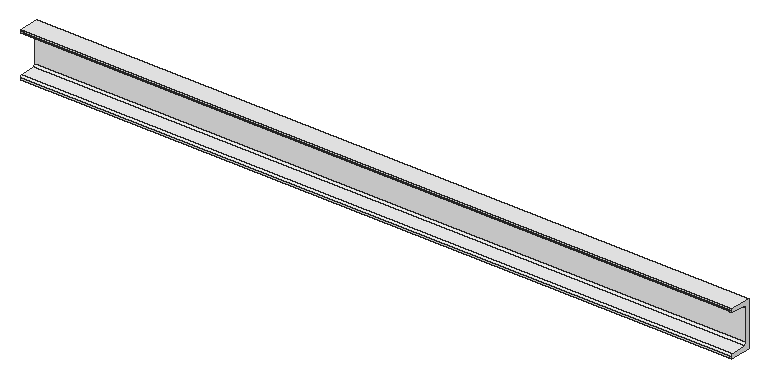
Revit family "CFC - Canais com flange cônica", category Quadro estrutural, Revit 2019
Family settings
  Arredondamento do comprimento do framing estrutural = 1 mm
  Forma do corte = Não definido
  Material para o comportamento do modelo = Aço
  Exportar sempre como geometria = Não
  Sempre na vertical = Sim
  Corte com vazios quando carregada = Não
  Representação simbólica = Das configurações de projeto
  Compartilhado = Não
  Exibir o pré-corte da família na vista da planta = Sim
Parameters (values of type "C 3x6.1")
  x = 11.1 mm
  tw = 4.32 mm
  tf = 6.9 mm
  r2 = 3.45 mm
  r1 = 6.9 mm
  ângulo = 5.00°
  W = 0.0061
  Structural Material [instance] = Metal - Aço - 250 MPa
  Assembly Code = ""
  Length [instance] = 1500 mm
  bf = 35.8 mm
  d = 76.2 mm
  A = 0.000778 m²
Reference planes
  plane 1 "Centro (Frente/Trás)": y = 0
  plane 2: z = 0
  plane 3 "Centro (Esquerda/Direita)": x = 4.61
  plane 4 "Membro esquerdo": x = -604.99
  plane 5 "Membro direito": x = 614.21
  plane 6 "Superior": z = 38.1
  plane 7: z = -38.1
  plane 8 "Direita": x = 766.61
  plane 9 "Esquerda": x = -733.39
  plane 10: y = 11.1
  plane 11: y = -24.7
Forms (mm)
  Sweep 1, solid, material "Metal - Aço - 250 MPa" <- "Structural Material", detail levels medium
    path origin (0, 0, 0) x (1, 0, 0) y (0, 1, 0)
      loop
        line (-604.99, 0) -> (614.21, 0)
    profile "GFC - Guias com flange cônica - Perfil - Médio : GFC - Guias com flange cônica - Perfil - Médio" origin (4.61, 0, 0) x (0, 1, 0) y (0, 0, 1)
      loop
        line (-24.7, 38.1) -> (-24.7, 32.577) -> (-8.96, 31.2) -> (6.78, 29.823) -> (6.78, -29.823) -> (-8.96, -31.2) -> (-24.7, -32.577) -> (-24.7, -38.1) -> (11.1, -38.1) -> (11.1, 38.1) -> (-24.7, 38.1)
  Sweep 2, solid, material "Metal - Aço - 250 MPa" <- "Structural Material", detail levels fine
    path origin (0, 0, 0) x (1, 0, 0) y (0, 1, 0)
      loop
        line (-604.99, 0) -> (614.21, 0)
    profile "GFC - Guias com flange cônica - Perfil - Alto : GFC - Guias com flange cônica - Perfil - Alto" origin (4.61, 0, 0) x (0, 1, 0) y (0, 0, 1)
      loop
        line (-24.7, 38.1) -> (-24.7, 35.738)
        arc (-24.7, 35.738) -> (-23.794, 33.408) -> (-21.551, 32.302) r 3.45
        line (-21.551, 32.302) -> (-8.96, 31.2) -> (3.631, 30.098)
        arc (3.631, 30.098) -> (5.874, 28.992) -> (6.78, 26.662) r 3.45
        line (6.78, 26.662) -> (6.78, -26.662)
        arc (6.78, -26.662) -> (5.874, -28.992) -> (3.631, -30.098) r 3.45
        line (3.631, -30.098) -> (-8.96, -31.2) -> (-21.551, -32.302)
        arc (-21.551, -32.302) -> (-23.794, -33.408) -> (-24.7, -35.738) r 3.45
        line (-24.7, -35.738) -> (-24.7, -38.1) -> (11.1, -38.1) -> (11.1, 38.1) -> (-24.7, 38.1)
Lines and regions (mm)
  symbolic lines, style "Faces ocultas", detail levels medium+fine
    curve 1: line (-604.99, 6.78, 0) -> (614.21, 6.78, 0)
    curve 3: line (-604.99, 0, -29.823) -> (614.21, 0, -29.823)
  symbolic lines, style "HiddenStructuralFramingLines", detail levels medium+fine
    curve 2: line (614.21, 0, 29.823) -> (-604.99, 0, 29.823)
  symbolic lines, style "Símbolos de vara", detail levels coarse
    curve 4: line (-733.39, -24.7, 38.1) -> (-733.39, 11.1, 38.1)
    curve 5: line (-733.39, 11.1, 38.1) -> (-733.39, 11.1, -38.1)
    curve 6: line (-733.39, 11.1, -38.1) -> (-733.39, -24.7, -38.1)
Dimensions and locks
  "d": plane 7 to plane 6 "Superior"
  equal spacing: plane 7, plane 2, plane 6 "Superior"
  "Length": plane 9 "Esquerda" to plane 8 "Direita"
  "x": plane 10 to plane 1 "Centro (Frente/Trás)"
  "bf": plane 10 to plane 11
  aligned and locked: plane 1 "Centro (Frente/Trás)" to Sweep 1 sketch curve
  aligned and locked: plane 1 "Centro (Frente/Trás)" to Sweep 2 sketch curve
  aligned and locked: curve 1 to Sweep 1
  aligned and locked: curve 2 to Sweep 1
  aligned and locked: curve 3 to Sweep 1
  aligned and locked: Sweep 2 to plane 6 "Superior"
  aligned and locked: Sweep 2 to plane 10
  aligned and locked: plane 7 to Sweep 2
  aligned and locked: plane 4 "Membro esquerdo" to Sweep 1 sketch curve
  aligned and locked: plane 5 "Membro direito" to Sweep 1 sketch curve
  aligned and locked: plane 4 "Membro esquerdo" to Sweep 2 sketch curve
  aligned and locked: plane 5 "Membro direito" to Sweep 2 sketch curve
  aligned and locked: plane 4 "Membro esquerdo" to curve 1
  aligned and locked: plane 5 "Membro direito" to curve 1
  aligned and locked: plane 4 "Membro esquerdo" to curve 2
  aligned and locked: plane 5 "Membro direito" to curve 2
  aligned and locked: plane 4 "Membro esquerdo" to curve 3
  aligned and locked: plane 5 "Membro direito" to curve 3
Automatic sketch dimensions
  curve 4 to plane 10 = 0 mm
  curve 4 to plane 11 = 0 mm
  curve 5 to plane 6 "Superior" = 0 mm
  curve 6 to plane 7 = 0 mm
  curve 6 to plane 11 = 0 mm
Types in the file's own list only (30): name | x | tw | tf | r2 | r1 | W | bf | d | A
  C 3x7.4 | 11 mm | 7 mm | 7 mm | 3 mm | 7 mm | 0.0074 | 38 mm | 76 mm | 0.00 m²
  C 3x8.9 | 12 mm | 9 mm | 7 mm | 3 mm | 7 mm | 0.0089 | 41 mm | 76 mm | 0.00 m²
  C 4x8.0 | 12 mm | 5 mm | 8 mm | 4 mm | 8 mm | 0.008 | 40 mm | 102 mm | 0.00 m²
  C 4x9.3 | 12 mm | 6 mm | 8 mm | 4 mm | 8 mm | 0.0093 | 42 mm | 102 mm | 0.00 m²
  C 4x10.8 | 12 mm | 8 mm | 8 mm | 4 mm | 8 mm | 0.0108 | 44 mm | 102 mm | 0.00 m²
  C 6x12.2 | 13 mm | 5 mm | 9 mm | 4 mm | 9 mm | 0.0122 | 49 mm | 152 mm | 0.00 m²
  C 6x15.6 | 13 mm | 8 mm | 9 mm | 4 mm | 9 mm | 0.0156 | 52 mm | 152 mm | 0.00 m²
  C 6x19.4 | 13 mm | 11 mm | 9 mm | 4 mm | 9 mm | 0.0194 | 55 mm | 152 mm | 0.00 m²
  C 6x23.1 | 14 mm | 14 mm | 9 mm | 4 mm | 9 mm | 0.0231 | 58 mm | 152 mm | 0.00 m²
  C 8x17.1 | 15 mm | 6 mm | 10 mm | 5 mm | 10 mm | 0.0171 | 57 mm | 203 mm | 0.00 m²
  C 8x20.5 | 14 mm | 8 mm | 10 mm | 5 mm | 10 mm | 0.0205 | 60 mm | 203 mm | 0.00 m²
  C 8x24.2 | 14 mm | 10 mm | 10 mm | 5 mm | 10 mm | 0.0242 | 62 mm | 203 mm | 0.00 m²
  C 8x27.9 | 14 mm | 12 mm | 10 mm | 5 mm | 10 mm | 0.0279 | 64 mm | 203 mm | 0.00 m²
  C 8x31.6 | 15 mm | 15 mm | 10 mm | 5 mm | 10 mm | 0.0316 | 67 mm | 203 mm | 0.00 m²
  C 10x22.7 | 16 mm | 6 mm | 11 mm | 6 mm | 11 mm | 0.0227 | 66 mm | 254 mm | 0.00 m²
  C 10x29.8 | 15 mm | 10 mm | 11 mm | 6 mm | 11 mm | 0.0298 | 70 mm | 254 mm | 0.00 m²
  C 10x37.2 | 16 mm | 13 mm | 11 mm | 6 mm | 11 mm | 0.0372 | 73 mm | 254 mm | 0.00 m²
  C 10x44.7 | 17 mm | 17 mm | 11 mm | 6 mm | 11 mm | 0.0447 | 77 mm | 254 mm | 0.01 m²
  C 10x52.1 | 18 mm | 21 mm | 11 mm | 6 mm | 11 mm | 0.0521 | 81 mm | 254 mm | 0.01 m²
  C 12x30.7 | 18 mm | 7 mm | 13 mm | 6 mm | 13 mm | 0.0307 | 75 mm | 305 mm | 0.00 m²
  C 12x37.2 | 17 mm | 10 mm | 13 mm | 6 mm | 13 mm | 0.0372 | 77 mm | 303 mm | 0.00 m²
  C 12x44.7 | 17 mm | 13 mm | 13 mm | 6 mm | 13 mm | 0.0447 | 81 mm | 305 mm | 0.01 m²
  C 12x52.1 | 18 mm | 16 mm | 13 mm | 6 mm | 13 mm | 0.0521 | 84 mm | 305 mm | 0.01 m²
  C 12x59.6 | 18 mm | 19 mm | 13 mm | 6 mm | 13 mm | 0.0596 | 87 mm | 305 mm | 0.01 m²
  C 15x50.4 | 20 mm | 10 mm | 17 mm | 8 mm | 17 mm | 0.0504 | 86 mm | 381 mm | 0.01 m²
  C 15x52.1 | 20 mm | 11 mm | 17 mm | 8 mm | 17 mm | 0.0521 | 87 mm | 381 mm | 0.01 m²
  C 15x59.5 | 20 mm | 13 mm | 17 mm | 8 mm | 17 mm | 0.0595 | 89 mm | 381 mm | 0.01 m²
  C 15x67.0 | 20 mm | 16 mm | 17 mm | 8 mm | 17 mm | 0.067 | 92 mm | 381 mm | 0.01 m²
  C 15x74.4 | 20 mm | 18 mm | 17 mm | 8 mm | 17 mm | 0.0744 | 94 mm | 381 mm | 0.01 m²
  C 15x81.9 | 22 mm | 21 mm | 17 mm | 8 mm | 17 mm | 0.0819 | 97 mm | 381 mm | 0.01 m²
